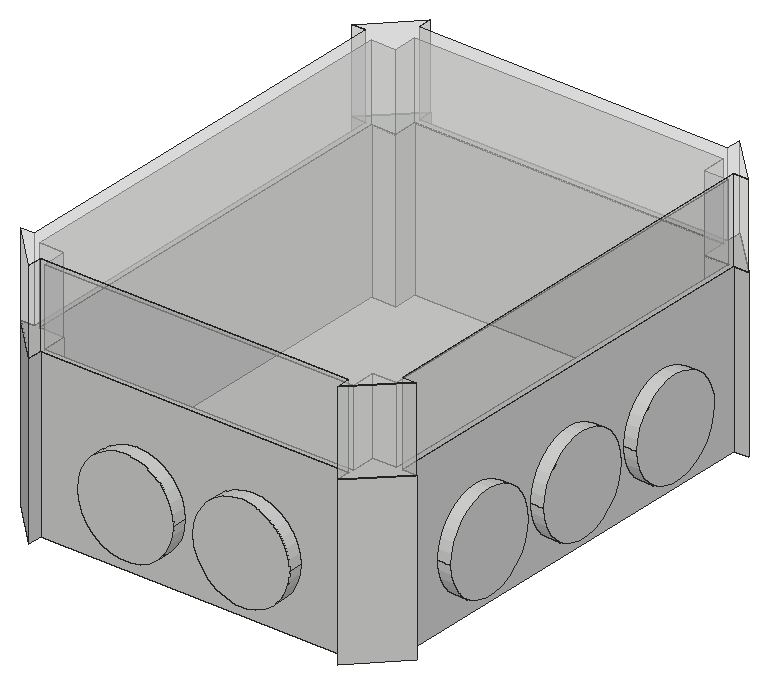
Revit family "Systemlösung Überspannungsableiter V20 im Gehäuse 1-polig_3-polig + NPE", category Generic Models, Revit 2015
Parameters (values of type "VG-V20-3+NPE-280")
  Width = 150 mm
  URL = "http://www.obo-bettermann.com"
  Material 3 = OBO TPE
  Material 2 = PC
  Material = OBO PP
  Manufacturer Art.No. = "5095383"
  Manufacturer = "OBO Bettermann"
  Length = 190 mm
  Height 1 = 62.5 mm
  Height = 94 mm
  GTIN = "4012196423200"
  Diameter 1 = 30 mm
  Diameter = 36.4 mm
  Article Type = "VG-V20-3+NPE-280"
Types (3, lengths in mm): name | Manufacturer Art.No. | GTIN | Article Type
  (no name) | "5095383" | "4012196423200" | "VG-V20-3+NPE-280"
  VG-V20-1+NPE-280 | "5095381" | "4012196423194" | "VG-V20-1+NPE-280"
  VG-V20-3+NPE-280 | "5095383" | "4012196423200" | "VG-V20-3+NPE-280"
Reference planes
  plane 1 "Center (Front/Back)": y = 0
  plane 2: z = 0
  plane 3 "Center (Left/Right)": x = 0
  plane 4: z = 62.5
  plane 5: z = 94
  plane 6: y = -95
  plane 7: y = 95
  plane 8: x = 75
  plane 9: x = -75
  plane 10: z = 4.1
  plane 11: z = 91.3
Forms (mm)
  Extrusion 1, solid, material "OBO PP" <- "Material"
    sketch origin (0, 0, 0) x (1, 0, 0) y (0, 1, 0)
      loop
        line (-75, 78.4) -> (-69.6, 78.4) -> (-69.6, -78.4) -> (-75, -78.4) -> (-58.4, -95) -> (-58.4, -89.6) -> (58.4, -89.6) -> (58.4, -95) -> (75, -78.4) -> (69.6, -78.4) -> (69.6, 78.4) -> (75, 78.4) -> (58.4, 95) -> (58.4, 89.6) -> (-58.4, 89.6) -> (-58.4, 95) -> (-75, 78.4)
    from 0 to 62.5
  Extrusion 2, solid, material "PC" <- "Material 2"
    sketch origin (0, 0, 0) x (1, 0, 0) y (0, 1, 0)
      loop
        line (58.4, 89.6) -> (-58.4, 89.6) -> (-58.4, 95) -> (-75, 78.4) -> (-69.6, 78.4) -> (-69.6, -78.4) -> (-75, -78.4) -> (-58.4, -95) -> (-58.4, -89.6) -> (58.4, -89.6) -> (58.4, -95) -> (75, -78.4) -> (69.6, -78.4) -> (69.6, 78.4) -> (75, 78.4) -> (58.4, 95) -> (58.4, 89.6)
    from 62.5 to 94
  Extrusion 3, solid, material "OBO TPE" <- "Material 3"
    sketch origin (0, 0, 0) x (1, 0, 0) y (0, 0, 1)
      loop
        circle (-21.9, 25) r 18.2
      loop
        circle (21.9, 25) r 18.2
    from 89.6 to 95
  Extrusion 4, solid, material "OBO TPE" <- "Material 3"
    sketch origin (0, 0, 0) x (1, 0, 0) y (0, 0, 1)
      loop
        circle (-34, 20.5) r 15
      loop
        circle (0, 20.5) r 15
      loop
        circle (34, 20.5) r 15
    from -95 to -89.6
  Extrusion 5, solid, material "OBO TPE" <- "Material 3"
    sketch origin (0, 0, 0) x (0, 1, 0) y (0, 0, 1)
      loop
        circle (0, 25) r 18.2
      loop
        circle (-44, 25) r 18.2
      loop
        circle (44, 25) r 18.2
    from 69.6 to 75
  Extrusion 6, solid, material "OBO TPE" <- "Material 3"
    sketch origin (0, 0, 0) x (0, 1, 0) y (0, 0, 1)
      loop
        circle (50.95, 20.5) r 15
      loop
        circle (17, 20.5) r 15
      loop
        circle (-17, 20.5) r 15
      loop
        circle (-50.95, 20.5) r 15
    from -75 to -69.6
  Extrusion 7, void
    sketch origin (0, 0, 0) x (1, 0, 0) y (0, 1, 0)
      loop
        line (-67.6, 78.4) -> (-67.6, -78.4) -> (-58.4, -78.4) -> (-58.4, -87.6) -> (58.4, -87.6) -> (58.4, -78.4) -> (67.6, -78.4) -> (67.6, 78.4) -> (58.4, 78.4) -> (58.4, 87.6) -> (-58.4, 87.6) -> (-58.4, 78.4) -> (-67.6, 78.4)
    from 4.1 to 91.3
Cuts and joins
  Extrusion 7 cuts Extrusion 1
  Extrusion 7 cuts Extrusion 2
Dimensions and locks
  "Height 1": plane 4 to level
  "Height": plane 5 to level
  "Width": Extrusion 1 sketch curve to Extrusion 1 sketch curve  (x2)
  equal spacing: Extrusion 1 sketch curve, plane 3 "Center (Left/Right)", Extrusion 1 sketch curve, locked at 75 each  (x2)
  "Length": Extrusion 1 sketch curve to Extrusion 1 sketch curve  (x2)
  equal spacing: Extrusion 1 sketch curve, plane 1 "Center (Front/Back)", Extrusion 1 sketch curve, locked at 95 each  (x2)
  locked: Extrusion 1 sketch curve to Extrusion 1 sketch curve at 5.4  (x4)
  locked: Extrusion 1 sketch curve to Extrusion 1 sketch curve at 116.8  (x2)
  equal spacing: Extrusion 1 sketch curve, plane 3 "Center (Left/Right)", Extrusion 1 sketch curve, locked at 58.4 each  (x2)
  locked: Extrusion 1 sketch curve to Extrusion 1 sketch curve at 156.8  (x2)
  equal spacing: Extrusion 1 sketch curve, plane 1 "Center (Front/Back)", Extrusion 1 sketch curve, locked at 78.4 each  (x2)
  locked: plane 3 "Center (Left/Right)" to Extrusion 3 sketch curve at 21.9
  locked: Extrusion 3 sketch curve to Extrusion 1 at 25  (x2)
  locked: Extrusion 3 sketch curve to plane 3 "Center (Left/Right)" at 21.9
  locked: plane 6 to plane 1 "Center (Front/Back)" at 95
  locked: plane 1 "Center (Front/Back)" to plane 7 at 95
  locked: Extrusion 1 to Extrusion 5 sketch curve at 25  (x2)
  locked: Extrusion 5 sketch curve to level at 25
  locked: plane 1 "Center (Front/Back)" to Extrusion 5 sketch curve at 44
  locked: Extrusion 5 sketch curve to plane 1 "Center (Front/Back)" at 44
  locked: plane 3 "Center (Left/Right)" to plane 8 at 75
  Extrusion 1 to Extrusion 6 sketch curve = 20.5 mm
  locked: Extrusion 1 to Extrusion 6 sketch curve at 20.5  (x3)
  locked: plane 9 to plane 3 "Center (Left/Right)" at 75
  locked: plane 5 to plane 11 at 2.7
  locked: plane 10 to level at 4.1
  locked: Extrusion 2 to Extrusion 7 sketch curve at 2  (x3)
  locked: Extrusion 7 sketch curve to Extrusion 2 at 2
  locked: Extrusion 7 sketch curve to Extrusion 7 sketch curve at 9.2  (x8)
  locked: Extrusion 4 sketch curve to cut or joined group of Extrusion 1, Extrusion 7 at 20.5  (x3)
  locked: Extrusion 4 sketch curve to Extrusion 4 sketch curve at 68
  equal spacing: Extrusion 4 sketch curve, plane 3 "Center (Left/Right)", Extrusion 4 sketch curve, locked at 34 each
  locked: Extrusion 6 sketch curve to Extrusion 6 sketch curve at 101.901
  equal spacing: Extrusion 6 sketch curve, plane 1 "Center (Front/Back)", Extrusion 6 sketch curve, locked at 50.95 each
  locked: Extrusion 6 sketch curve to Extrusion 6 sketch curve at 34
  equal spacing: Extrusion 6 sketch curve, plane 1 "Center (Front/Back)", Extrusion 6 sketch curve, locked at 17 each
  "Diameter": diameter of Extrusion 5 sketch curve  (x3)
  "Diameter": diameter of Extrusion 3 sketch curve  (x2)
  "Diameter 1": diameter of Extrusion 4 sketch curve  (x3)
  "Diameter 1": diameter of Extrusion 6 sketch curve  (x4)
  aligned and locked: level to plane 2
  aligned and locked: plane 4 to Extrusion 1
  aligned and locked: Extrusion 1 to level
  aligned and locked: Extrusion 2 sketch curve to Extrusion 1  (x16)
  aligned and locked: Extrusion 2 to Extrusion 1
  aligned and locked: plane 5 to Extrusion 2
  aligned and locked: Extrusion 3 to Extrusion 1
  aligned and locked: Extrusion 3 to plane 6
  aligned and locked: plane 7 to Extrusion 4
  aligned and locked: Extrusion 4 to Extrusion 1
  aligned and locked: Extrusion 5 to Extrusion 1
  aligned and locked: plane 8 to Extrusion 5
  aligned and locked: Extrusion 6 to plane 9
  aligned and locked: Extrusion 6 to Extrusion 1
  aligned and locked: Extrusion 7 to plane 10
  aligned and locked: plane 11 to Extrusion 7
Automatic sketch dimensions
  Extrusion 5 sketch curve to plane 1 "Center (Front/Back)" = 0 mm
  Extrusion 4 sketch curve to plane 3 "Center (Left/Right)" = 0 mm
